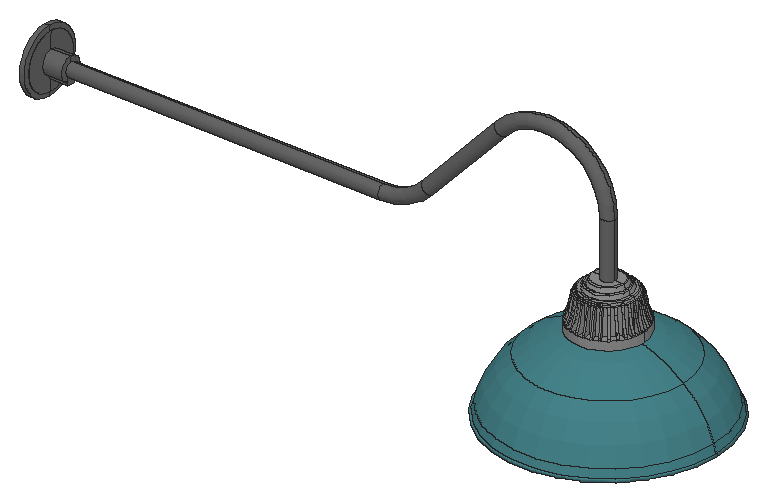
Revit family "Contempo Bistro BBU", category Lighting Fixtures, Revit 2020 (continued)
Definition of nested family "BBU22_1"
  Definition of nested family "BBU22"
    Forms (in)
      Extrusion 33, void
        sketch origin (0, 0, 0.94303) x (-0.55557, 0.83147, 0) y (0, 0, 1)
          loop
            arc (0.1562, 8.94175) -> (0, 9.10087) -> (-0.1562, 8.94175) r 0.15622
            arc (-0.1562, 8.94175) -> (-0.16453, 8.05868) -> (-0.1893, 7.17593) r 47.42066
            line (-0.1893, 7.17593) -> (0.1893, 7.17593)
            arc (0.1893, 7.17593) -> (0.16453, 8.05868) -> (0.1562, 8.94175) r 47.42066
        from 2.03457 to 2.60892
      Revolve 34, solid, material <- "SHADE", visible <- "BBU22"
        sketch origin (0, 0, 0) x (1, 0, 0) y (0, 0, 1)
          loop
            line (-1.95, 8.125) -> (-2, 8.125) -> (-2.25, 7.875) -> (-2.25, 7.455)
            arc (-2.25, 7.455) -> (-4.52768, 7.05103) -> (-6.54801, 5.9244) r 6.97543
            arc (-6.54801, 5.9244) -> (-7.62814, 4.97099) -> (-8.61215, 3.91868) r 15.05006
            arc (-8.61215, 3.91868) -> (-9.88058, 2.16336) -> (-10.85994, 0.2318) r 13.85346
            arc (-10.85994, 0.2318) -> (-10.98102, 0.11187) -> (-10.85224, 0.00025) r 0.11618
            arc (-10.85224, 0.00025) -> (-9.85514, 2.0242) -> (-8.54069, 3.858) r 13.75971
            arc (-8.54069, 3.858) -> (-7.5628, 4.90376) -> (-6.4894, 5.85123) r 14.95631
            arc (-6.4894, 5.85123) -> (-4.45241, 6.97815) -> (-2.15625, 7.36146) r 6.88168
            line (-2.15625, 7.36146) -> (-2.15625, 7.83617) -> (-1.93371, 8.05871)
            arc (-1.93371, 8.05871) -> (-1.91587, 8.09824) -> (-1.95, 8.125) r 0.03515
          axis (0, 8.125) -> (0, 0.00025)
        angle from 0 to 360
    Cuts and joins
      Extrusion 2, Extrusion 3, Extrusion 4, Extrusion 5, Extrusion 6, Extrusion 7, Extrusion 8, Extrusion 9, Extrusion 10, Extrusion 11, Extrusion 12, Extrusion 13, Extrusion 14, Extrusion 15, Extrusion 16, Extrusion 17, Extrusion 18, Extrusion 19, Extrusion 20, Extrusion 21, Extrusion 22, Extrusion 23, Extrusion 24, Extrusion 25, Extrusion 26, Extrusion 27, Extrusion 28, Extrusion 29, Extrusion 30, Extrusion 31, Extrusion 32, Extrusion 33 cuts Revolve 1
    Dimensions and locks (in)
      aligned and locked: plane 2 to level
Types (5): name | a | Weight | Wattage Comments | URL | Model | Fixture Height | Fixture Diameter | BBU22 | BBU19 | BBU16 | BBU14 | Apparent Load
  (no name) | 0' - 9" | "4.2lb" | "200W" | "https://www.anplighting.com/assets/Uploads/product-attachments/specification-sheets/ANP-Specification-Sheet-INC-BBU16.pdf" | "BBU16" | 0' - 9" | 1' - 4" | no | no | yes | no | 10 VA
  BBU14 | 0' - 10" | "3.7lb" | "200W" | "https://www.anplighting.com/assets/Uploads/product-attachments/specification-sheets/ANP-Specification-Sheet-INC-BBU14..pdf" | "BBU14" | 0' - 8 3/8" | 1' - 2" | no | no | no | yes | 200 VA
  BBU16 | 0' - 9" | "4.2lb" | "200W" | "https://www.anplighting.com/assets/Uploads/product-attachments/specification-sheets/ANP-Specification-Sheet-INC-BBU16.pdf" | "BBU16" | 0' - 9" | 1' - 4" | no | no | yes | no | 10 VA
  BBU19 | 0' - 11" | "5.7 lb" | "200 W" | "https://www.anplighting.com/assets/Uploads/product-attachments/specification-sheets/ANP-Specification-Sheet-INC-BBU19.pdf" | "BBU19" | 0' - 10 1/8" | 1' - 7" | no | yes | no | no | 200 VA
  BBU22 | 0' - 11" | "6.2 lb" | "200 W" | "https://www.anplighting.com/assets/Uploads/product-attachments/specification-sheets/ANP-Specification-Sheet-INC-BBU22.pdf" | "BBU22" | 0' - 10 7/8" | 1' - 10" | yes | no | no | no | 200 VA
